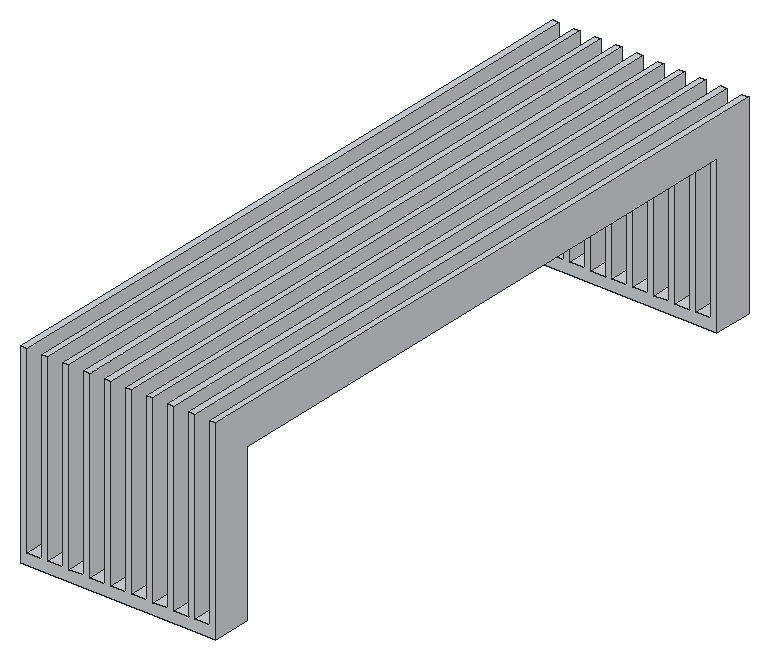
Revit family "LL10_R2016", category Generic Models, Revit 2016
Family settings
  Part Type = Normal
  Can host rebar = No
  Round Connector Dimension = Use Diameter
  OmniClass Number = 23.45.00.00
  OmniClass Title = Sanitary, Laundry, and Cleaning Equipment
  Work Plane-Based = No
  Always vertical = Yes
  Cut with Voids When Loaded = No
  Shared = No
  Room Calculation Point = No
Parameters
  Tube Length [instance] = 990 mm
  Length [instance] = 1200 mm
  Height = 350 mm
Reference planes
  plane 1: z = 0
  plane 2: z = 350
  plane 3: y = -26.341
  plane 4: y = -626.341
  plane 5: y = 573.659
Forms (mm)
  Extrusion 1, solid, not visible
    sketch origin (0, 0, 0) x (1, 0, 0) y (0, 1, 0)
      loop
        line (-495, -20) -> (-495, -31) -> (495, -31) -> (495, -20) -> (-495, -20)
    from 300 to 370
  Extrusion 2, solid, not visible
    sketch origin (0, 0, 0) x (1, 0, 0) y (0, 1, 0)
      loop
        line (-495, -20) -> (-495, -31) -> (495, -31) -> (495, -20) -> (-495, -20)
    from 300 to 370
  Extrusion 3, solid, not visible
    sketch origin (0, -24, 0) x (1, 0, 0) y (0, 1, 0)
      loop
        line (-495, -20) -> (-495, -31) -> (495, -31) -> (495, -20) -> (-495, -20)
    from 300 to 370
  Extrusion 4, solid, not visible
    sketch origin (0, -48, 0) x (1, 0, 0) y (0, 1, 0)
      loop
        line (-495, -20) -> (-495, -31) -> (495, -31) -> (495, -20) -> (-495, -20)
    from 300 to 370
  Extrusion 5, solid, not visible
    sketch origin (0, -72, 0) x (1, 0, 0) y (0, 1, 0)
      loop
        line (-495, -20) -> (-495, -31) -> (495, -31) -> (495, -20) -> (-495, -20)
    from 300 to 370
  Extrusion 6, solid, not visible
    sketch origin (0, -96, 0) x (1, 0, 0) y (0, 1, 0)
      loop
        line (-495, -20) -> (-495, -31) -> (495, -31) -> (495, -20) -> (-495, -20)
    from 300 to 370
  Extrusion 7, solid, not visible
    sketch origin (0, -120, 0) x (1, 0, 0) y (0, 1, 0)
      loop
        line (-495, -20) -> (-495, -31) -> (495, -31) -> (495, -20) -> (-495, -20)
    from 300 to 370
  Extrusion 8, solid, not visible
    sketch origin (0, -144, 0) x (1, 0, 0) y (0, 1, 0)
      loop
        line (-495, -20) -> (-495, -31) -> (495, -31) -> (495, -20) -> (-495, -20)
    from 300 to 370
  Extrusion 9, solid, not visible
    sketch origin (0, -168, 0) x (1, 0, 0) y (0, 1, 0)
      loop
        line (-495, -20) -> (-495, -31) -> (495, -31) -> (495, -20) -> (-495, -20)
    from 300 to 370
  Extrusion 10, solid, not visible
    sketch origin (0, -192, 0) x (1, 0, 0) y (0, 1, 0)
      loop
        line (-495, -20) -> (-495, -31) -> (495, -31) -> (495, -20) -> (-495, -20)
    from 300 to 370
  Extrusion 11, solid, not visible
    sketch origin (0, -216, 0) x (1, 0, 0) y (0, 1, 0)
      loop
        line (-495, -20) -> (-495, -31) -> (495, -31) -> (495, -20) -> (-495, -20)
    from 300 to 370
  Extrusion 12, solid, not visible
    sketch origin (0, -240, 0) x (1, 0, 0) y (0, 1, 0)
      loop
        line (-495, -20) -> (-495, -31) -> (495, -31) -> (495, -20) -> (-495, -20)
    from 300 to 370
  Extrusion 13, solid, not visible
    sketch origin (0, -264, 0) x (1, 0, 0) y (0, 1, 0)
      loop
        line (-495, -20) -> (-495, -31) -> (495, -31) -> (495, -20) -> (-495, -20)
    from 300 to 370
  Extrusion 14, solid, not visible
    sketch origin (0, -288, 0) x (1, 0, 0) y (0, 1, 0)
      loop
        line (-495, -20) -> (-495, -31) -> (495, -31) -> (495, -20) -> (-495, -20)
    from 300 to 370
  Extrusion 15, solid, not visible
    sketch origin (0, -312, 0) x (1, 0, 0) y (0, 1, 0)
      loop
        line (-495, -20) -> (-495, -31) -> (495, -31) -> (495, -20) -> (-495, -20)
    from 300 to 370
  Extrusion 16, solid
    sketch origin (0, 0, 0) x (0, 1, 0) y (0, 0, 1)
      loop
        line (573.659, 0) -> (573.659, 350) -> (-626.341, 350) -> (-626.341, 0) -> (-556.341, 0) -> (-556.341, 280) -> (503.659, 280) -> (503.659, 0) -> (573.659, 0)
    from 0 to 11
  Extrusion 17, solid
    sketch origin (38, 0, 0) x (0, 1, 0) y (0, 0, 1)
      loop
        line (573.659, 0) -> (573.659, 350) -> (-626.341, 350) -> (-626.341, 0) -> (-556.341, 0) -> (-556.341, 280) -> (503.659, 280) -> (503.659, 0) -> (573.659, 0)
    from 0 to 11
  Extrusion 18, solid
    sketch origin (76, 0, 0) x (0, 1, 0) y (0, 0, 1)
      loop
        line (573.659, 0) -> (573.659, 350) -> (-626.341, 350) -> (-626.341, 0) -> (-556.341, 0) -> (-556.341, 280) -> (503.659, 280) -> (503.659, 0) -> (573.659, 0)
    from 0 to 11
  Extrusion 19, solid
    sketch origin (114, 0, 0) x (0, 1, 0) y (0, 0, 1)
      loop
        line (573.659, 0) -> (573.659, 350) -> (-626.341, 350) -> (-626.341, 0) -> (-556.341, 0) -> (-556.341, 280) -> (503.659, 280) -> (503.659, 0) -> (573.659, 0)
    from 0 to 11
  Extrusion 20, solid
    sketch origin (152, 0, 0) x (0, 1, 0) y (0, 0, 1)
      loop
        line (573.659, 0) -> (573.659, 350) -> (-626.341, 350) -> (-626.341, 0) -> (-556.341, 0) -> (-556.341, 280) -> (503.659, 280) -> (503.659, 0) -> (573.659, 0)
    from 0 to 11
  Extrusion 21, solid
    sketch origin (190, 0, 0) x (0, 1, 0) y (0, 0, 1)
      loop
        line (573.659, 0) -> (573.659, 350) -> (-626.341, 350) -> (-626.341, 0) -> (-556.341, 0) -> (-556.341, 280) -> (503.659, 280) -> (503.659, 0) -> (573.659, 0)
    from 0 to 11
  Extrusion 22, solid
    sketch origin (228, 0, 0) x (0, 1, 0) y (0, 0, 1)
      loop
        line (573.659, 0) -> (573.659, 350) -> (-626.341, 350) -> (-626.341, 0) -> (-556.341, 0) -> (-556.341, 280) -> (503.659, 280) -> (503.659, 0) -> (573.659, 0)
    from 0 to 11
  Extrusion 23, solid
    sketch origin (0, 0, 0) x (1, 0, 0) y (0, 1, 0)
      loop
        line (0, -626.341) -> (353, -626.341) -> (353, -556.341) -> (0, -556.341) -> (0, -626.341)
      loop
        line (0, 503.659) -> (353, 503.659) -> (353, 573.659) -> (0, 573.659) -> (0, 503.659)
    from 0 to 20
  Extrusion 24, solid
    sketch origin (266, 0, 0) x (0, 1, 0) y (0, 0, 1)
      loop
        line (573.659, 0) -> (573.659, 350) -> (-626.341, 350) -> (-626.341, 0) -> (-556.341, 0) -> (-556.341, 280) -> (503.659, 280) -> (503.659, 0) -> (573.659, 0)
    from 0 to 11
  Extrusion 25, solid
    sketch origin (304, 0, 0) x (0, 1, 0) y (0, 0, 1)
      loop
        line (573.659, 0) -> (573.659, 350) -> (-626.341, 350) -> (-626.341, 0) -> (-556.341, 0) -> (-556.341, 280) -> (503.659, 280) -> (503.659, 0) -> (573.659, 0)
    from 0 to 11
  Extrusion 26, solid
    sketch origin (342, 0, 0) x (0, 1, 0) y (0, 0, 1)
      loop
        line (573.659, 0) -> (573.659, 350) -> (-626.341, 350) -> (-626.341, 0) -> (-556.341, 0) -> (-556.341, 280) -> (503.659, 280) -> (503.659, 0) -> (573.659, 0)
    from 0 to 11
Cuts and joins
  joined: Extrusion 16, Extrusion 17, Extrusion 18, Extrusion 19, Extrusion 20, Extrusion 21, Extrusion 22, Extrusion 23, Extrusion 24, Extrusion 25, Extrusion 26
Lines and regions (mm)
  reference lines
    curve 1: line (0, 665.378, 280) -> (0, -754.622, 280)
    curve 2: line (0, 503.659, 411.424) -> (0, 503.659, -138.576)
    curve 3: line (0, -556.341, 388.061) -> (0, -556.341, -81.939)
Dimensions and locks
  locked: Extrusion 1 sketch curve to Extrusion 1 sketch curve at 11
  locked: Extrusion 2 sketch curve to Extrusion 2 sketch curve at 11
  locked: Extrusion 3 sketch curve to Extrusion 3 sketch curve at 11
  equal spacing: group 2, group 3, group 4, group 5, group 6, group 7, group 8, group 9, group 10, group 11, group 12, group 13, group 14, group 15  (x2)
  equal spacing: group 15, group 14, group 13, group 12, group 11, group 10, group 9, group 8, group 7, group 6, group 5, group 4, group 3, group 2
  locked: Extrusion 4 sketch curve to Extrusion 4 sketch curve at 11
  locked: Extrusion 5 sketch curve to Extrusion 5 sketch curve at 11
  locked: Extrusion 6 sketch curve to Extrusion 6 sketch curve at 11
  locked: Extrusion 7 sketch curve to Extrusion 7 sketch curve at 11
  locked: Extrusion 8 sketch curve to Extrusion 8 sketch curve at 11
  locked: Extrusion 9 sketch curve to Extrusion 9 sketch curve at 11
  locked: Extrusion 10 sketch curve to Extrusion 10 sketch curve at 11
  locked: Extrusion 11 sketch curve to Extrusion 11 sketch curve at 11
  locked: Extrusion 12 sketch curve to Extrusion 12 sketch curve at 11
  locked: Extrusion 13 sketch curve to Extrusion 13 sketch curve at 11
  locked: Extrusion 14 sketch curve to Extrusion 14 sketch curve at 11
  locked: Extrusion 15 sketch curve to Extrusion 15 sketch curve at 11
  "Height": plane 2 to level
  equal spacing: plane 5, plane 3, plane 4
  "Length": plane 5 to plane 4
  locked: plane 2 to curve 1 at 70
  locked: curve 3 to plane 4 at 70
  locked: plane 5 to curve 2 at 70
  aligned and locked: level to plane 1
  aligned and locked: Extrusion 16 sketch curve to plane 2
  aligned and locked: Extrusion 16 sketch curve to plane 4
  aligned and locked: level to Extrusion 16 sketch curve  (x2)
  aligned and locked: Extrusion 16 sketch curve to curve 3
  aligned and locked: Extrusion 16 sketch curve to curve 1
  aligned and locked: curve 2 to Extrusion 16 sketch curve
  aligned and locked: Extrusion 16 sketch curve to plane 5
  aligned and locked: Extrusion 23 sketch curve to Extrusion 16  (x6)
  aligned and locked: Extrusion 26 to Extrusion 23 sketch curve
  aligned and locked: Extrusion 23 sketch curve to Extrusion 26
Automatic sketch dimensions
  Extrusion 1 sketch curve to Extrusion 1 sketch curve = 990 mm
  Extrusion 2 sketch curve to Extrusion 2 sketch curve = 990 mm
  Extrusion 3 sketch curve to Extrusion 3 sketch curve = 990 mm
  Extrusion 4 sketch curve to Extrusion 4 sketch curve = 990 mm
  Extrusion 5 sketch curve to Extrusion 5 sketch curve = 990 mm
  Extrusion 6 sketch curve to Extrusion 6 sketch curve = 990 mm
  Extrusion 7 sketch curve to Extrusion 7 sketch curve = 990 mm
  Extrusion 8 sketch curve to Extrusion 8 sketch curve = 990 mm
  Extrusion 9 sketch curve to Extrusion 9 sketch curve = 990 mm
  Extrusion 10 sketch curve to Extrusion 10 sketch curve = 990 mm
  Extrusion 11 sketch curve to Extrusion 11 sketch curve = 990 mm
  Extrusion 12 sketch curve to Extrusion 12 sketch curve = 990 mm
  Extrusion 13 sketch curve to Extrusion 13 sketch curve = 990 mm
  Extrusion 14 sketch curve to Extrusion 14 sketch curve = 990 mm
  Extrusion 15 sketch curve to Extrusion 15 sketch curve = 990 mm
  plane 4 to curve 1 = 128.281 mm
  curve 1 to plane 5 = 91.719 mm
  curve 3 to level = 81.939 mm
  curve 2 to level = 138.576 mm
  plane 2 to curve 3 = 38.061 mm
  plane 2 to curve 2 = 61.424 mm
  Extrusion 17 sketch curve to level = 0 mm  (x2)
  Extrusion 17 sketch curve to plane 4 = 0 mm
  Extrusion 17 sketch curve to plane 2 = 0 mm
  Extrusion 17 sketch curve to plane 5 = 0 mm
  Extrusion 17 sketch curve to plane 4 = 70 mm
  Extrusion 17 sketch curve to Extrusion 17 sketch curve = 70 mm
  Extrusion 17 sketch curve to plane 2 = 70 mm
  Extrusion 18 sketch curve to level = 0 mm  (x2)
  Extrusion 18 sketch curve to plane 4 = 0 mm
  Extrusion 18 sketch curve to plane 2 = 0 mm
  Extrusion 18 sketch curve to plane 5 = 0 mm
  Extrusion 18 sketch curve to plane 4 = 70 mm
  Extrusion 18 sketch curve to Extrusion 18 sketch curve = 70 mm
  Extrusion 18 sketch curve to plane 2 = 70 mm
  Extrusion 19 sketch curve to level = 0 mm  (x2)
  Extrusion 19 sketch curve to plane 4 = 0 mm
  Extrusion 19 sketch curve to plane 2 = 0 mm
  Extrusion 19 sketch curve to plane 5 = 0 mm
  Extrusion 19 sketch curve to plane 4 = 70 mm
  Extrusion 19 sketch curve to Extrusion 19 sketch curve = 70 mm
  Extrusion 19 sketch curve to plane 2 = 70 mm
  Extrusion 20 sketch curve to level = 0 mm  (x2)
  Extrusion 20 sketch curve to plane 4 = 0 mm
  Extrusion 20 sketch curve to plane 2 = 0 mm
  Extrusion 20 sketch curve to plane 5 = 0 mm
  Extrusion 20 sketch curve to plane 4 = 70 mm
  Extrusion 20 sketch curve to Extrusion 20 sketch curve = 70 mm
  Extrusion 20 sketch curve to plane 2 = 70 mm
  Extrusion 21 sketch curve to level = 0 mm  (x2)
  Extrusion 21 sketch curve to plane 4 = 0 mm
  Extrusion 21 sketch curve to plane 2 = 0 mm
  Extrusion 21 sketch curve to plane 5 = 0 mm
  Extrusion 21 sketch curve to plane 4 = 70 mm
  Extrusion 21 sketch curve to Extrusion 21 sketch curve = 70 mm
  Extrusion 21 sketch curve to plane 2 = 70 mm
  Extrusion 22 sketch curve to level = 0 mm  (x2)
  Extrusion 22 sketch curve to plane 4 = 0 mm
  Extrusion 22 sketch curve to plane 2 = 0 mm
  Extrusion 22 sketch curve to plane 5 = 0 mm
  Extrusion 22 sketch curve to plane 4 = 70 mm
  Extrusion 22 sketch curve to Extrusion 22 sketch curve = 70 mm
  Extrusion 22 sketch curve to plane 2 = 70 mm
  Extrusion 24 sketch curve to level = 0 mm  (x2)
  Extrusion 24 sketch curve to plane 4 = 0 mm
  Extrusion 24 sketch curve to plane 2 = 0 mm
  Extrusion 24 sketch curve to plane 5 = 0 mm
  Extrusion 24 sketch curve to plane 4 = 70 mm
  Extrusion 24 sketch curve to Extrusion 24 sketch curve = 70 mm
  Extrusion 24 sketch curve to plane 2 = 70 mm
  Extrusion 25 sketch curve to level = 0 mm  (x2)
  Extrusion 25 sketch curve to plane 4 = 0 mm
  Extrusion 25 sketch curve to plane 2 = 0 mm
  Extrusion 25 sketch curve to plane 5 = 0 mm
  Extrusion 25 sketch curve to plane 4 = 70 mm
  Extrusion 25 sketch curve to Extrusion 25 sketch curve = 70 mm
  Extrusion 25 sketch curve to plane 2 = 70 mm
  Extrusion 26 sketch curve to level = 0 mm  (x2)
  Extrusion 26 sketch curve to plane 4 = 0 mm
  Extrusion 26 sketch curve to plane 2 = 0 mm
  Extrusion 26 sketch curve to plane 5 = 0 mm
  Extrusion 26 sketch curve to plane 4 = 70 mm
  Extrusion 26 sketch curve to Extrusion 26 sketch curve = 70 mm
  Extrusion 26 sketch curve to plane 2 = 70 mm
